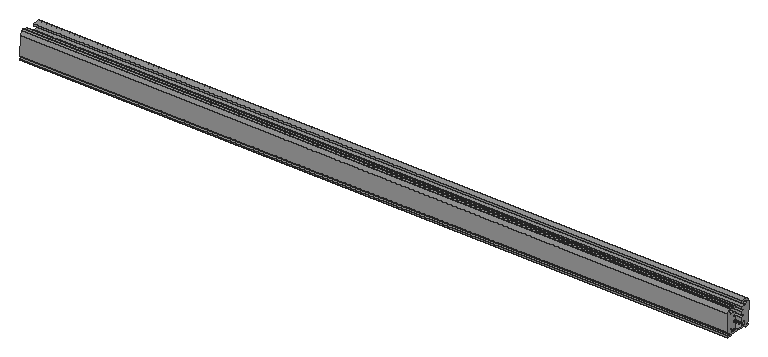
Revit family "RAIL XDTP6", category Luminarias, Revit 2019
Family settings
  Cota de conector redondo = Diámetro de uso
  Tipo de pieza = Normal
  Se basa en plano de trabajo = Sí
  Siempre vertical = No
  Corte con vacíos al cargar = No
  Origen de luz = No
  Compartido = Sí
  Punto de cálculo de habitación = No
Parameters (values of type "RIEL_XDTP61.1")
  XDTTF.1 = 1
  XDTKS.1 [instance] = 0
  XDTFP.2 = 0
  XDTFP.1 = 1
  XDTCl.2 [instance] = 0
  XDTCl.1 [instance] = 0
  XDTCX.1 [instance] = 0
  XDTCT.4 [instance] = 0
  XDTCT.3 [instance] = 0
  XDTCT.2 [instance] = 0
  XDTCT.1 [instance] = 0
  XDTCL.2 "L" [instance] = 0
  XDTCL.1 "L" [instance] = 0
  XDTCF.1 [instance] = 0
  Keynote = ""
  Modelo = "XDTP61.1"
  Lamp = ""
  Longitud = 1000 mm
  Fabricante = "BRILLANT"
  Default Elevation = 1219.2 mm
  Descripción = "RIEL DE 6 ENTRADAS Y 3 CIRCUITOS, IP20, ACABADO EN COLOR NEGRO POR STOCK (OPCION A BLANCO, POR PROYECTO). LONGITUD DE 1M"
  Wattage Comments = ""
Types (4, lengths in mm): name | XDTTF.1 | XDTFP.1 | Modelo | Longitud | Descripción
  RIEL_XDTP61.1 | 1 | 1 | "XDTP61.1" | 1000 | "RIEL DE 6 ENTRADAS Y 3 CIRCUITOS, IP20, ACABADO EN COLOR NEGRO POR STOCK (OPCION A BLANCO, POR PROYECTO). LONGITUD DE 1M"
  RIEL_XDTP615.1 | 0 | 0 | "XDTP615.1" | 1500 | "RIEL DE 6 ENTRADAS Y 3 CIRCUITOS, IP20, ACABADO EN COLOR NEGRO POR STOCK (OPCION A BLANCO, POR PROYECTO). LONGITUD DE 1.5M"
  RIEL_XDTP62.1 | 0 | 0 | "XDTP62.1" | 2000 | "RIEL DE 6 ENTRADAS Y 3 CIRCUITOS, IP20, ACABADO EN COLOR NEGRO POR STOCK (OPCION A BLANCO, POR PROYECTO). LONGITUD DE 2M"
  RIEL_XDTP63.1 | 0 | 0 | "XDTP63.1" | 3000 | "RIEL DE 6 ENTRADAS Y 3 CIRCUITOS, IP20, ACABADO EN COLOR NEGRO POR STOCK (OPCION A BLANCO, POR PROYECTO). LONGITUD DE 3M"
Reference planes
  plane 1 "Centro (Frontal/Posterior)": y = 0
  plane 2: z = 0
  plane 3 "Centro (Izquierda/Derecha)": x = 0
  plane 4: x = -1000
Forms (mm)
  Extrusion 1, solid, material "Aluminio"
    sketch origin (37.527, 0, 32.853) x (0, 0, 1) y (0, -1, 0)
      loop
        line (2.647, -15.775) -> (2.647, -6.473) -> (0.107, -6.473) -> (0.107, -7.273) -> (1.847, -7.273) -> (1.847, -15.231) -> (-2.647, -17.006) -> (-2.647, -15.021) -> (-4.022, -14.058) -> (-5.319, -14.058) -> (-5.319, -6.473) -> (-7.477, -6.473) -> (-8.316, -10.169) -> (-10.617, -10.169) -> (-11.455, -6.473) -> (-14.813, -6.473) -> (-15.652, -10.169) -> (-17.953, -10.169) -> (-18.791, -6.473) -> (-23.169, -6.473) -> (-23.169, -13.839) -> (-22.494, -14.514) -> (-22.494, -15.775) -> (-25.324, -15.775) -> (-25.324, -14.73) -> (-24.652, -14.058) -> (-24.652, -6.473) -> (-25.452, -6.473) -> (-25.452, -12.377) -> (-29.624, -12.377) -> (-29.624, 2.744) -> (-28.824, 2.744) -> (-28.824, 5.514) -> (-29.624, 5.514) -> (-29.624, 12.377) -> (-25.452, 12.377) -> (-25.452, 6.473) -> (-24.652, 6.473) -> (-24.652, 14.058) -> (-25.324, 14.73) -> (-25.324, 15.775) -> (-22.494, 15.775) -> (-22.494, 14.514) -> (-23.169, 13.839) -> (-23.169, 6.473) -> (-18.791, 6.473) -> (-17.953, 10.169) -> (-15.652, 10.169) -> (-14.813, 6.473) -> (-11.455, 6.473) -> (-10.617, 10.169) -> (-8.316, 10.169) -> (-7.477, 6.473) -> (-5.319, 6.473) -> (-5.319, 14.058) -> (-4.022, 14.058) -> (-2.647, 15.021) -> (-2.647, 17.006) -> (1.847, 15.231) -> (1.847, 7.273) -> (0.107, 7.273) -> (0.107, 6.473) -> (2.647, 6.473) -> (2.647, 13.258) -> (4.268, 12.124) -> (4.268, 12.924) -> (2.647, 14.058) -> (2.647, 15.775) -> (-2.353, 17.75) -> (-27.209, 17.75) -> (-29.016, 17.34) -> (-29.016, 15.775) -> (-27.725, 15.775) -> (-27.725, 13.839) -> (-31.063, 13.839) -> (-31.063, 17.75) -> (-32.853, 17.75) -> (-32.853, 12.75) -> (-31.063, 10.96) -> (-31.063, -10.96) -> (-32.853, -12.75) -> (-32.853, -17.75) -> (-31.063, -17.75) -> (-31.063, -13.839) -> (-27.725, -13.839) -> (-27.725, -15.775) -> (-29.016, -15.775) -> (-29.016, -17.34) -> (-27.209, -17.75) -> (-2.353, -17.75) -> (2.647, -15.775)
    from -1037.527 to -37.527
Dimensions and locks
  "Longitud": plane 3 "Centro (Izquierda/Derecha)" to plane 4
  "Longitud": plane 4 to plane 3 "Centro (Izquierda/Derecha)"
  Extrusion 1 to Extrusion 1 = 35.5 mm  (x2)
  aligned and locked: level to plane 2
  aligned and locked: plane 4 to Extrusion 1
  aligned and locked: plane 3 "Centro (Izquierda/Derecha)" to Extrusion 1
Automatic sketch dimensions
  Extrusion 1 sketch curve to level = 0 mm  (x2)
  level to Extrusion 1 sketch curve = 1.79 mm  (x3)
  level to Extrusion 1 sketch curve = 3.229 mm
  Extrusion 1 sketch curve to Extrusion 1 sketch curve = 1.439 mm
  Extrusion 1 sketch curve to Extrusion 1 sketch curve = 2.046 mm  (x2)
  Extrusion 1 sketch curve to Extrusion 1 sketch curve = 0.8 mm  (x10)
  Extrusion 1 sketch curve to Extrusion 1 sketch curve = 1.291 mm  (x2)
  Extrusion 1 sketch curve to Extrusion 1 sketch curve = 1.808 mm  (x2)
  Extrusion 1 sketch curve to Extrusion 1 sketch curve = 3.372 mm
  Extrusion 1 sketch curve to Extrusion 1 sketch curve = 2.274 mm
  Extrusion 1 sketch curve to Extrusion 1 sketch curve = 0.128 mm  (x2)
  Extrusion 1 sketch curve to Extrusion 1 sketch curve = 0.672 mm  (x3)
  Extrusion 1 sketch curve to Extrusion 1 sketch curve = 1.483 mm  (x2)
  Extrusion 1 sketch curve to Extrusion 1 sketch curve = 0.675 mm  (x4)
  plane 1 "Centro (Frontal/Posterior)" to Extrusion 1 sketch curve = 6.473 mm  (x3)
  Extrusion 1 sketch curve to Extrusion 1 sketch curve = 4.378 mm  (x2)
  Extrusion 1 sketch curve to Extrusion 1 sketch curve = 0.839 mm  (x8)
  Extrusion 1 sketch curve to Extrusion 1 sketch curve = 2.301 mm  (x4)
  Extrusion 1 sketch curve to Extrusion 1 sketch curve = 3.358 mm  (x2)
  Extrusion 1 sketch curve to plane 1 "Centro (Frontal/Posterior)" = 6.473 mm
  Extrusion 1 sketch curve to Extrusion 1 sketch curve = 2.158 mm
  Extrusion 1 sketch curve to Extrusion 1 sketch curve = 4.294 mm
  Extrusion 1 sketch curve to Extrusion 1 sketch curve = 1.298 mm  (x2)
  Extrusion 1 sketch curve to Extrusion 1 sketch curve = 1.375 mm  (x2)
  Extrusion 1 sketch curve to plane 1 "Centro (Frontal/Posterior)" = 15.021 mm
  Extrusion 1 sketch curve to Extrusion 1 sketch curve = 0.294 mm  (x2)
  Extrusion 1 sketch curve to Extrusion 1 sketch curve = 5.426 mm
  Extrusion 1 sketch curve to Extrusion 1 sketch curve = 7.584 mm
  Extrusion 1 sketch curve to Extrusion 1 sketch curve = 1.74 mm  (x2)
  plane 1 "Centro (Frontal/Posterior)" to Extrusion 1 sketch curve = 14.058 mm
  Extrusion 1 sketch curve to Extrusion 1 sketch curve = 1.621 mm
  Extrusion 1 sketch curve to Extrusion 1 sketch curve = 0.21 mm
  Extrusion 1 sketch curve to Extrusion 1 sketch curve = 0.544 mm  (x2)
  Extrusion 1 sketch curve to plane 1 "Centro (Frontal/Posterior)" = 15.775 mm
  Extrusion 1 sketch curve to Extrusion 1 sketch curve = 0 mm  (x4)
  Extrusion 1 sketch curve to Extrusion 1 sketch curve = 1.985 mm  (x2)
  Extrusion 1 sketch curve to Extrusion 1 sketch curve = 1.564 mm  (x2)
  Extrusion 1 sketch curve to Extrusion 1 sketch curve = 0.41 mm  (x3)
  Extrusion 1 sketch curve to Extrusion 1 sketch curve = 1.045 mm  (x2)
  Extrusion 1 sketch curve to Extrusion 1 sketch curve = 1.261 mm
  Extrusion 1 sketch curve to Extrusion 1 sketch curve = 0.963 mm  (x2)
  Extrusion 1 sketch curve to Extrusion 1 sketch curve = 1.937 mm  (x2)
  Extrusion 1 sketch curve to Extrusion 1 sketch curve = 1.089 mm
  Extrusion 1 sketch curve to Extrusion 1 sketch curve = 1.682 mm
  Extrusion 1 sketch curve to Extrusion 1 sketch curve = 1.417 mm  (x2)
  Extrusion 1 sketch curve to Extrusion 1 sketch curve = 3.696 mm  (x5)
  Extrusion 1 sketch curve to Extrusion 1 sketch curve = 5.904 mm
  plane 1 "Centro (Frontal/Posterior)" to Extrusion 1 sketch curve = 2.744 mm
  Extrusion 1 sketch curve to Extrusion 1 sketch curve = 2.77 mm
  Extrusion 1 sketch curve to Extrusion 1 sketch curve = 5.445 mm
  Extrusion 1 sketch curve to Extrusion 1 sketch curve = 1.935 mm
  Extrusion 1 sketch curve to Extrusion 1 sketch curve = 1.79 mm
  Extrusion 1 sketch curve to Extrusion 1 sketch curve = 1.462 mm  (x2)
  Extrusion 1 sketch curve to Extrusion 1 sketch curve = 0.22 mm
  Extrusion 1 sketch curve to Extrusion 1 sketch curve = 3.89 mm
  Extrusion 1 sketch curve to Extrusion 1 sketch curve = 1.173 mm
  Extrusion 1 sketch curve to Extrusion 1 sketch curve = 0.744 mm
